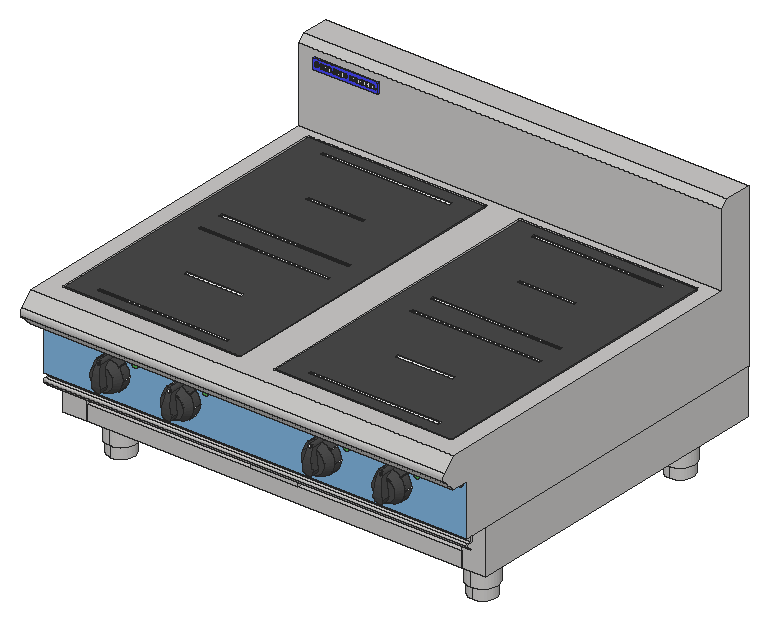
Revit family "QF_Moffat_IN514R3-B_Induction_Cooktop_cat", category Specialty Equipment, Revit 2019
Family settings
  Round Connector Dimension = Use Diameter
  Part Type = Normal
  Work Plane-Based = No
  Always vertical = Yes
  Cut with Voids When Loaded = No
  Shared = No
  Room Calculation Point = No
Parameters (values of type "IN514R3-B")
  Weight in Kilograms = 105
  Watts = 8000 W
  Volts = 400 V
  URL Cutsheet = ""
  Specification by User = ""
  Specification by Manufacturer = ""
  Show Logo [instance] = yes
  Serial Number = ""
  Seismic Rating = ""
  SMACNA No = ""
  Revision Code = ""
  Phase = 3
  Number of Poles = 1
  NAFEM Spec ID Number = ""
  Model = "IN514R3-B"
  Min Ckt Ampacity = 0 A
  Max Overcurrent Protection = 0 A
  Masterspec = ""
  Manufacturer = "Moffat"
  Length = 900 mm
  Item Number = ""
  Installed By = ""
  Identify Quantity as Lot = yes
  Height = 525 mm
  HP = ""
  Furnished By = ""
  Foodservice Equipment Identifier = yes
  FL Amps = 20 A
  Electrical Remarks = ""
  Electric Connection Type = ""
  Elec Conn RI Height = 0 mm
  Elec Conn Connection Height = 0 mm
  Description = "Induction Cooktop"
  Depth = 812.2 mm
  Cycle = 50 Hz
  Conn Plug = ""
  Conn Conduit = yes
  CSI MasterFormat = ""
  Apparent Power = if(Phase = 3, Volts * FL Amps * 1.73, Volts * FL Amps)  # 13840 VA
Reference planes
  plane 1 "BACK": y = 0
  plane 2: z = 0
  plane 3 "LEFT": x = 0
  plane 4 "RIGHT": x = 900
  plane 5 "FRONT": y = -812.2
  plane 6 "TOP": z = 525
  plane 7 "Center Y": x = 450
  plane 8 "Center X": y = -406.1
  plane 9: x = 65.5
  plane 10: x = 834.5
  plane 11: y = -30
  plane 12: x = 770
  plane 13: z = 180
  plane 14: y = -100
  plane 15: y = -625
  plane 16: z = 85
Forms (mm)
  Extrusion 1, solid, material "QF_Metal_Stainless_Polished"
    sketch origin (0, 0, 0) x (0, 1, 0) y (0, 0, 1)
      loop
        line (0, 180) -> (0, 525) -> (-57, 525) -> (-70, 512) -> (-70, 354.5) -> (-784.171, 354.5) -> (-808.685, 329.985)
        arc (-808.685, 329.985) -> (-812.2, 321.5) -> (-808.685, 313.015) r 12
        line (-808.685, 313.015) -> (-785.171, 289.5) -> (-749, 289.5) -> (-749, 180) -> (0, 180)
    from 0 to 900
  Extrusion 2, void
    sketch origin (0, -784.171, 354.5) x (0, 1, 0) y (-1, 0, 0)
      loop
        arc (44.671, -33.5) -> (40.428, -35.257) -> (38.671, -39.5) r 6
        line (38.671, -39.5) -> (38.671, -410.5)
        arc (38.671, -410.5) -> (40.428, -414.743) -> (44.671, -416.5) r 6
        line (44.671, -416.5) -> (690.671, -416.5)
        arc (690.671, -416.5) -> (694.913, -414.743) -> (696.671, -410.5) r 6
        line (696.671, -410.5) -> (696.671, -39.5)
        arc (696.671, -39.5) -> (694.913, -35.257) -> (690.671, -33.5) r 6
        line (690.671, -33.5) -> (44.671, -33.5)
      loop
        arc (44.671, -483.5) -> (40.428, -485.257) -> (38.671, -489.5) r 6
        line (38.671, -489.5) -> (38.671, -860.5)
        arc (38.671, -860.5) -> (40.428, -864.743) -> (44.671, -866.5) r 6
        line (44.671, -866.5) -> (690.671, -866.5)
        arc (690.671, -866.5) -> (694.913, -864.743) -> (696.671, -860.5) r 6
        line (696.671, -860.5) -> (696.671, -489.5)
        arc (696.671, -489.5) -> (694.913, -485.257) -> (690.671, -483.5) r 6
        line (690.671, -483.5) -> (44.671, -483.5)
    from 0 to -9.5
  Extrusion 3, solid, material "QF_Plastic_White_Smooth"
    sketch origin (0, -784.171, 345) x (0, 1, 0) y (-1, 0, 0)
      loop
        line (660.921, -362.5) -> (666.921, -362.5) -> (666.921, -87.5) -> (660.921, -87.5) -> (660.921, -362.5)
      loop
        line (526.421, -285) -> (532.421, -285) -> (532.421, -165) -> (526.421, -165) -> (526.421, -285)
      loop
        line (391.921, -362.5) -> (397.921, -362.5) -> (397.921, -87.5) -> (391.921, -87.5) -> (391.921, -362.5)
      loop
        line (343.421, -87.5) -> (337.421, -87.5) -> (337.421, -362.5) -> (343.421, -362.5) -> (343.421, -87.5)
      loop
        line (208.921, -165) -> (202.921, -165) -> (202.921, -285) -> (208.921, -285) -> (208.921, -165)
      loop
        line (68.421, -362.5) -> (74.421, -362.5) -> (74.421, -87.5) -> (68.421, -87.5) -> (68.421, -362.5)
      loop
        line (660.921, -537.5) -> (660.921, -812.5) -> (666.921, -812.5) -> (666.921, -537.5) -> (660.921, -537.5)
      loop
        line (526.421, -615) -> (526.421, -735) -> (532.421, -735) -> (532.421, -615) -> (526.421, -615)
      loop
        line (391.921, -537.5) -> (391.921, -812.5) -> (397.921, -812.5) -> (397.921, -537.5) -> (391.921, -537.5)
      loop
        line (343.421, -812.5) -> (343.421, -537.5) -> (337.421, -537.5) -> (337.421, -812.5) -> (343.421, -812.5)
      loop
        line (208.921, -735) -> (208.921, -615) -> (202.921, -615) -> (202.921, -735) -> (208.921, -735)
      loop
        line (68.421, -537.5) -> (68.421, -812.5) -> (74.421, -812.5) -> (74.421, -537.5) -> (68.421, -537.5)
    from 0 to 9.5
  Extrusion 4, solid, material "QF_Plastic_Black_Smooth"
    sketch origin (0, -784.171, 354.5) x (0, 1, 0) y (-1, 0, 0)
      loop
        line (690.671, -37.5) -> (44.671, -37.5)
        arc (44.671, -37.5) -> (43.256, -38.086) -> (42.671, -39.5) r 2
        line (42.671, -39.5) -> (42.671, -410.5)
        arc (42.671, -410.5) -> (43.256, -411.914) -> (44.671, -412.5) r 2
        line (44.671, -412.5) -> (690.671, -412.5)
        arc (690.671, -412.5) -> (692.085, -411.914) -> (692.671, -410.5) r 2
        line (692.671, -410.5) -> (692.671, -39.5)
        arc (692.671, -39.5) -> (692.085, -38.086) -> (690.671, -37.5) r 2
      loop
        line (690.671, -487.5) -> (44.671, -487.5)
        arc (44.671, -487.5) -> (43.256, -488.086) -> (42.671, -489.5) r 2
        line (42.671, -489.5) -> (42.671, -860.5)
        arc (42.671, -860.5) -> (43.256, -861.914) -> (44.671, -862.5) r 2
        line (44.671, -862.5) -> (690.671, -862.5)
        arc (690.671, -862.5) -> (692.085, -861.914) -> (692.671, -860.5) r 2
        line (692.671, -860.5) -> (692.671, -489.5)
        arc (692.671, -489.5) -> (692.085, -488.086) -> (690.671, -487.5) r 2
      loop
        line (666.921, -812.5) -> (666.921, -537.5) -> (660.921, -537.5) -> (660.921, -812.5) -> (666.921, -812.5)
      loop
        line (532.421, -735) -> (532.421, -615) -> (526.421, -615) -> (526.421, -735) -> (532.421, -735)
      loop
        line (397.921, -812.5) -> (397.921, -537.5) -> (391.921, -537.5) -> (391.921, -812.5) -> (397.921, -812.5)
      loop
        line (337.421, -812.5) -> (343.421, -812.5) -> (343.421, -537.5) -> (337.421, -537.5) -> (337.421, -812.5)
      loop
        line (208.921, -615) -> (202.921, -615) -> (202.921, -735) -> (208.921, -735) -> (208.921, -615)
      loop
        line (68.421, -812.5) -> (74.421, -812.5) -> (74.421, -537.5) -> (68.421, -537.5) -> (68.421, -812.5)
      loop
        line (68.421, -362.5) -> (74.421, -362.5) -> (74.421, -87.5) -> (68.421, -87.5) -> (68.421, -362.5)
      loop
        line (202.921, -285) -> (208.921, -285) -> (208.921, -165) -> (202.921, -165) -> (202.921, -285)
      loop
        line (337.421, -362.5) -> (343.421, -362.5) -> (343.421, -87.5) -> (337.421, -87.5) -> (337.421, -362.5)
      loop
        line (391.921, -87.5) -> (391.921, -362.5) -> (397.921, -362.5) -> (397.921, -87.5) -> (391.921, -87.5)
      loop
        line (526.421, -165) -> (526.421, -285) -> (532.421, -285) -> (532.421, -165) -> (526.421, -165)
      loop
        line (666.921, -362.5) -> (666.921, -87.5) -> (660.921, -87.5) -> (660.921, -362.5) -> (666.921, -362.5)
    from 0 to -9.5
  Extrusion 5, solid, material "QF_Metal_Stainless_Polished"
    sketch origin (0, 0, 40) x (0, 1, 0) y (0, 0, 1)
      loop
        line (-737.8, 140) -> (-737.8, 130) -> (-747.305, 130)
        arc (-747.305, 130) -> (-750.276, 128.015) -> (-749.579, 124.511) r 3.215
        line (-749.579, 124.511) -> (-739.05, 113.982) -> (-737.919, 115.113) -> (-748.447, 125.642)
        arc (-748.447, 125.642) -> (-748.797, 127.403) -> (-747.305, 128.4) r 1.615
        line (-747.305, 128.4) -> (-736.2, 128.4) -> (-736.2, 140) -> (-737.8, 140)
    from 0 to 900
  Extrusion 6, solid, material "QF_Plastic_Black_Smooth"
    sketch origin (0, -749, 181.875) x (0, 0, 1) y (-1, 0, 0)
      loop
        circle (99.343, -13.157) r 5
      loop
        circle (99.343, -886.843) r 5
      loop
        circle (99.343, -150) r 5
      loop
        circle (99.343, -300) r 5
      loop
        circle (99.343, -600) r 5
      loop
        circle (99.343, -750) r 5
    from 0 to 1.6
  Extrusion 7, solid, material "QF_Metal_Stainless_Polished"
    sketch origin (0, -699, 85) x (0, 1, 0) y (1, 0, 0)
      loop
        circle (669, 770) r 6.35
    from 0 to 1.6
  Extrusion 8, solid, material "QF_Metal_Stainless_Polished"
    sketch origin (0, -699, 85) x (1, 0, 0) y (0, -1, 0)
      loop
        line (0, -699) -> (900, -699) -> (900, 0) -> (849.2, 0) -> (849.2, -25.4) -> (50.8, -25.4) -> (50.8, 0) -> (0, 0) -> (0, -699)
    from 0 to -95
  Revolve 9, solid, material "QF_Metal_Stainless_Polished"
    sketch origin (65.5, -4572, -304.8) x (0, 0, -1) y (0, -1, 0)
      loop
        line (-304.8, -4499.5) -> (-304.8, -4472) -> (-389.8, -4472) -> (-389.8, -4503.75) -> (-329.8, -4503.75) -> (-329.8, -4499.5) -> (-304.8, -4499.5)
      axis (-389.8, -4472) -> (-304.8, -4472)
    angle from 0 to 360
  Revolve 10, solid, material "QF_Metal_Stainless_Polished"
    sketch origin (65.5, -4572, -304.8) x (0, 0, -1) y (0, -1, 0)
      loop
        line (-304.8, -3974.5) -> (-304.8, -3947) -> (-389.8, -3947) -> (-389.8, -3978.75) -> (-329.8, -3978.75) -> (-329.8, -3974.5) -> (-304.8, -3974.5)
      axis (-389.8, -3947) -> (-304.8, -3947)
    angle from 0 to 360
  Revolve 11, solid, material "QF_Metal_Stainless_Polished"
    sketch origin (834.5, -4572, -304.8) x (0, 0, -1) y (0, 1, 0)
      loop
        line (-304.8, 4499.5) -> (-329.8, 4499.5) -> (-329.8, 4503.75) -> (-389.8, 4503.75) -> (-389.8, 4472) -> (-304.8, 4472) -> (-304.8, 4499.5)
      axis (-389.8, 4472) -> (-304.8, 4472)
    angle from 0 to 360
  Revolve 12, solid, material "QF_Metal_Stainless_Polished"
    sketch origin (834.5, -4572, -304.8) x (0, 0, -1) y (0, 1, 0)
      loop
        line (-304.8, 3974.5) -> (-329.8, 3974.5) -> (-329.8, 3978.75) -> (-389.8, 3978.75) -> (-389.8, 3947) -> (-304.8, 3947) -> (-304.8, 3974.5)
      axis (-389.8, 3947) -> (-304.8, 3947)
    angle from 0 to 360
  Extrusion 13, solid, material "QF_Paint_Green"
    sketch origin (-87.5, -749, 181.7) x (0, 0, 1) y (-1, 0, 0)
      loop
        circle (84.8, -282.5) r 7.15
    from 0 to 1.6
  Extrusion 14, solid, material "QF_Paint_Green"
    sketch origin (62.5, -749, 181.7) x (0, 0, 1) y (-1, 0, 0)
      loop
        circle (84.8, -282.5) r 7.15
    from 0 to 1.6
  Extrusion 15, solid, material "QF_Paint_Green"
    sketch origin (362.5, -749, 181.7) x (0, 0, 1) y (-1, 0, 0)
      loop
        circle (84.8, -282.5) r 7.15
    from 0 to 1.6
  Extrusion 16, solid, material "QF_Paint_Green"
    sketch origin (512.5, -749, 181.7) x (0, 0, 1) y (-1, 0, 0)
      loop
        circle (84.8, -282.5) r 7.15
    from 0 to 1.6
  Extrusion 17, solid, material "QF_Metal_Stainless_Polished"
    sketch origin (849.2, -673.6, 85) x (-1, 0, 0) y (0, 0, -1)
      loop
        line (798.4, -32.7) -> (798.4, 0) -> (0, 0) -> (0, -32.7) -> (798.4, -32.7)
      loop
        line (798.4, -42.7) -> (450, -42.7) -> (450, -66.4) -> (798.4, -66.4) -> (798.4, -42.7)
      loop
        line (0, -67.4) -> (0, -95) -> (798.4, -95) -> (798.4, -67.4) -> (0, -67.4)
      loop
        line (348.4, -42.7) -> (0, -42.7) -> (0, -66.4) -> (348.4, -66.4) -> (348.4, -42.7)
    from 0 to 25.4
  Extrusion 18, solid, material "QF_Metal_Stainless_Polished"
    sketch origin (849.2, -673.6, 85) x (1, 0, 0) y (0, 0, -1)
      loop
        line (-450, -67.4) -> (-348.4, -67.4) -> (-348.4, -32.7) -> (-450, -32.7) -> (-450, -67.4)
    from 0 to -25.4
Cuts and joins
  Extrusion 2 cuts Extrusion 1
Lines and regions (mm)
  symbolic lines
    curve 1: line (0, 0, 0) -> (900, 0, 0)
    curve 2: line (0, -812.2, 0) -> (0, 0, 0)
    curve 3: line (900, -812.2, 0) -> (0, -812.2, 0)
    curve 4: line (900, 0, 0) -> (900, -812.2, 0)
    curve 5: line (0, -784.171, 0) -> (900, -784.171, 0)
    curve 6: line (860.5, -745.5, 0) -> (489.5, -745.5, 0)
    curve 7: arc (489.5, -745.5, 0) -> (485.257, -743.743, 0) -> (483.5, -739.5, 0) r 6
    curve 8: line (483.5, -739.5, 0) -> (483.5, -93.5, 0)
    curve 9: arc (483.5, -93.5, 0) -> (485.257, -89.257, 0) -> (489.5, -87.5, 0) r 6
    curve 10: line (489.5, -87.5, 0) -> (860.5, -87.5, 0)
    curve 11: arc (860.5, -87.5, 0) -> (864.743, -89.257, 0) -> (866.5, -93.5, 0) r 6
    curve 12: line (866.5, -93.5, 0) -> (866.5, -739.5, 0)
    curve 13: arc (866.5, -739.5, 0) -> (864.743, -743.743, 0) -> (860.5, -745.5, 0) r 6
    curve 14: line (489.5, -741.5, 0) -> (860.5, -741.5, 0)
    curve 15: arc (860.5, -741.5, 0) -> (861.914, -740.914, 0) -> (862.5, -739.5, 0) r 2
    curve 16: line (862.5, -739.5, 0) -> (862.5, -93.5, 0)
    curve 17: arc (862.5, -93.5, 0) -> (861.914, -92.086, 0) -> (860.5, -91.5, 0) r 2
    curve 18: line (860.5, -91.5, 0) -> (489.5, -91.5, 0)
    curve 19: arc (489.5, -91.5, 0) -> (488.086, -92.086, 0) -> (487.5, -93.5, 0) r 2
    curve 20: line (487.5, -93.5, 0) -> (487.5, -739.5, 0)
    curve 21: arc (487.5, -739.5, 0) -> (488.086, -740.914, 0) -> (489.5, -741.5, 0) r 2
    curve 22: line (812.5, -715.75, 0) -> (537.5, -715.75, 0)
    curve 23: line (537.5, -715.75, 0) -> (537.5, -709.75, 0)
    curve 24: line (537.5, -709.75, 0) -> (812.5, -709.75, 0)
    curve 25: line (812.5, -709.75, 0) -> (812.5, -715.75, 0)
    curve 26: line (410.5, -745.5, 0) -> (39.5, -745.5, 0)
    curve 27: arc (39.5, -745.5, 0) -> (35.257, -743.743, 0) -> (33.5, -739.5, 0) r 6
    curve 28: line (33.5, -739.5, 0) -> (33.5, -93.5, 0)
    curve 29: arc (33.5, -93.5, 0) -> (35.257, -89.257, 0) -> (39.5, -87.5, 0) r 6
    curve 30: line (39.5, -87.5, 0) -> (410.5, -87.5, 0)
    curve 31: arc (410.5, -87.5, 0) -> (414.743, -89.257, 0) -> (416.5, -93.5, 0) r 6
    curve 32: line (416.5, -93.5, 0) -> (416.5, -739.5, 0)
    curve 33: arc (416.5, -739.5, 0) -> (414.743, -743.743, 0) -> (410.5, -745.5, 0) r 6
    curve 34: line (39.5, -741.5, 0) -> (410.5, -741.5, 0)
    curve 35: arc (410.5, -741.5, 0) -> (411.914, -740.914, 0) -> (412.5, -739.5, 0) r 2
    curve 36: line (412.5, -739.5, 0) -> (412.5, -93.5, 0)
    curve 37: arc (412.5, -93.5, 0) -> (411.914, -92.086, 0) -> (410.5, -91.5, 0) r 2
    curve 38: line (410.5, -91.5, 0) -> (39.5, -91.5, 0)
    curve 39: arc (39.5, -91.5, 0) -> (38.086, -92.086, 0) -> (37.5, -93.5, 0) r 2
    curve 40: line (37.5, -93.5, 0) -> (37.5, -739.5, 0)
    curve 41: arc (37.5, -739.5, 0) -> (38.086, -740.914, 0) -> (39.5, -741.5, 0) r 2
    curve 42: line (362.5, -715.75, 0) -> (87.5, -715.75, 0)
    curve 43: line (87.5, -715.75, 0) -> (87.5, -709.75, 0)
    curve 44: line (87.5, -709.75, 0) -> (362.5, -709.75, 0)
    curve 45: line (362.5, -709.75, 0) -> (362.5, -715.75, 0)
    curve 46: line (285, -581.25, 0) -> (165, -581.25, 0)
    curve 47: line (165, -581.25, 0) -> (165, -575.25, 0)
    curve 48: line (165, -575.25, 0) -> (285, -575.25, 0)
    curve 49: line (285, -575.25, 0) -> (285, -581.25, 0)
    curve 50: line (362.5, -446.75, 0) -> (87.5, -446.75, 0)
    curve 51: line (87.5, -446.75, 0) -> (87.5, -440.75, 0)
    curve 52: line (87.5, -440.75, 0) -> (362.5, -440.75, 0)
    curve 53: line (362.5, -440.75, 0) -> (362.5, -446.75, 0)
    curve 54: line (362.5, -392.25, 0) -> (87.5, -392.25, 0)
    curve 55: line (87.5, -392.25, 0) -> (87.5, -386.25, 0)
    curve 56: line (87.5, -386.25, 0) -> (362.5, -386.25, 0)
    curve 57: line (362.5, -386.25, 0) -> (362.5, -392.25, 0)
    curve 58: line (285, -257.75, 0) -> (165, -257.75, 0)
    curve 59: line (165, -257.75, 0) -> (165, -251.75, 0)
    curve 60: line (165, -251.75, 0) -> (285, -251.75, 0)
    curve 61: line (285, -251.75, 0) -> (285, -257.75, 0)
    curve 62: line (362.5, -123.25, 0) -> (87.5, -123.25, 0)
    curve 63: line (87.5, -123.25, 0) -> (87.5, -117.25, 0)
    curve 64: line (87.5, -117.25, 0) -> (362.5, -117.25, 0)
    curve 65: line (362.5, -117.25, 0) -> (362.5, -123.25, 0)
    curve 66: line (812.5, -123.25, 0) -> (537.5, -123.25, 0)
    curve 67: line (537.5, -123.25, 0) -> (537.5, -117.25, 0)
    curve 68: line (537.5, -117.25, 0) -> (812.5, -117.25, 0)
    curve 69: line (812.5, -117.25, 0) -> (812.5, -123.25, 0)
    curve 70: line (735, -257.75, 0) -> (615, -257.75, 0)
    curve 71: line (615, -257.75, 0) -> (615, -251.75, 0)
    curve 72: line (615, -251.75, 0) -> (735, -251.75, 0)
    curve 73: line (735, -251.75, 0) -> (735, -257.75, 0)
    curve 74: line (812.5, -392.25, 0) -> (537.5, -392.25, 0)
    curve 75: line (537.5, -392.25, 0) -> (537.5, -386.25, 0)
    curve 76: line (537.5, -386.25, 0) -> (812.5, -386.25, 0)
    curve 77: line (812.5, -386.25, 0) -> (812.5, -392.25, 0)
    curve 78: line (812.5, -446.75, 0) -> (537.5, -446.75, 0)
    curve 79: line (537.5, -446.75, 0) -> (537.5, -440.75, 0)
    curve 80: line (537.5, -440.75, 0) -> (812.5, -440.75, 0)
    curve 81: line (812.5, -440.75, 0) -> (812.5, -446.75, 0)
    curve 82: line (735, -581.25, 0) -> (615, -581.25, 0)
    curve 83: line (615, -581.25, 0) -> (615, -575.25, 0)
    curve 84: line (615, -575.25, 0) -> (735, -575.25, 0)
    curve 85: line (735, -575.25, 0) -> (735, -581.25, 0)
    curve 86: line (0, -57, 0) -> (900, -57, 0)
    curve 87: line (0, -70, 0) -> (900, -70, 0)
Dimensions and locks
  equal spacing: plane 3 "LEFT", plane 7 "Center Y", plane 4 "RIGHT"
  "Length": plane 3 "LEFT" to plane 4 "RIGHT"
  equal spacing: plane 5 "FRONT", plane 8 "Center X", plane 1 "BACK"
  "Depth": plane 5 "FRONT" to plane 1 "BACK"
  "Height": plane 6 "TOP" to level
  plane 9 to plane 10 = 769 mm
  plane 4 "RIGHT" to plane 3 "LEFT" = 900 mm
  plane 1 "BACK" to cut or joined group of Extrusion 1, Extrusion 2 = 70 mm
  plane 1 "BACK" to plane 5 "FRONT" = 812.2 mm
  plane 6 "TOP" to plane 2 = 525 mm
  cut or joined group of Extrusion 1, Extrusion 2 to plane 2 = 354.5 mm
  locked: plane 12 to plane 4 "RIGHT" at 130
  plane 1 "BACK" to plane 11 = 30 mm
  plane 1 "BACK" to plane 14 to plane 15 = 100 mm, 525 mm
  plane 16 to plane 2 = 85 mm
  aligned and locked: level to plane 2
Automatic sketch dimensions
  Extrusion 1 sketch curve to plane 6 "TOP" = 0 mm
  Extrusion 1 sketch curve to plane 1 "BACK" = 0 mm
  plane 11 to Extrusion 1 sketch curve = 27 mm
  Extrusion 1 sketch curve to plane 6 "TOP" = 13 mm
  Extrusion 1 sketch curve to Extrusion 1 sketch curve = 13 mm
  Extrusion 1 sketch curve to plane 5 "FRONT" = 63.2 mm
  Extrusion 1 sketch curve to plane 5 "FRONT" = 28.029 mm
  Extrusion 1 sketch curve to plane 5 "FRONT" = 27.029 mm
  Extrusion 1 sketch curve to plane 5 "FRONT" = 12 mm
  Extrusion 1 sketch curve to plane 5 "FRONT" = 3.515 mm  (x2)
  Extrusion 1 sketch curve to plane 6 "TOP" = 170.5 mm
  Extrusion 1 sketch curve to Extrusion 1 sketch curve = 24.515 mm
  Extrusion 1 sketch curve to Extrusion 1 sketch curve = 8.485 mm
  Extrusion 1 sketch curve to Extrusion 1 sketch curve = 32 mm
  Extrusion 1 sketch curve to plane 13 = 0 mm
  Extrusion 5 sketch curve to Extrusion 5 sketch curve = 0 mm  (x2)
  plane 13 to Extrusion 5 sketch curve = 15.489 mm
  Extrusion 5 sketch curve to plane 5 "FRONT" = 62.621 mm
  plane 13 to Extrusion 5 sketch curve = 14.358 mm
  Extrusion 5 sketch curve to Extrusion 5 sketch curve = 1.131 mm
  Extrusion 5 sketch curve to Extrusion 5 sketch curve = 1.142 mm  (x2)
  plane 13 to Extrusion 5 sketch curve = 26.018 mm
  Extrusion 5 sketch curve to Extrusion 5 sketch curve = 10.529 mm
  Extrusion 5 sketch curve to Extrusion 5 sketch curve = 9.505 mm
  Extrusion 5 sketch curve to plane 13 = 0 mm
  Extrusion 5 sketch curve to Extrusion 5 sketch curve = 1.6 mm
  Extrusion 8 to Extrusion 7 sketch curve = 30 mm
  Extrusion 7 sketch curve to Extrusion 8 = 79.2 mm
  plane 1 "BACK" to Extrusion 8 sketch curve = 0 mm
  Extrusion 8 sketch curve to plane 3 "LEFT" = 0 mm
  Extrusion 8 sketch curve to plane 4 "RIGHT" = 0 mm
  plane 9 to Extrusion 8 sketch curve = 14.7 mm
  Extrusion 8 sketch curve to plane 10 = 14.7 mm
  plane 15 to Extrusion 8 sketch curve = 48.6 mm
  Extrusion 8 sketch curve to Extrusion 8 sketch curve = 25.4 mm  (x2)
  Revolve 9 sketch curve to plane 14 = 0 mm  (x2)
  Revolve 9 sketch curve to plane 16 = 0 mm
  Revolve 9 sketch curve to level = 0 mm  (x2)
  level to Revolve 9 sketch curve = 25 mm
  Revolve 9 sketch curve to plane 14 = 27.5 mm
  Revolve 9 sketch curve to plane 14 = 31.75 mm
  Revolve 9 sketch curve to Revolve 9 sketch curve = 25 mm
  Revolve 10 sketch curve to plane 15 = 0 mm  (x2)
  Revolve 10 sketch curve to plane 16 = 0 mm
  Revolve 10 sketch curve to level = 0 mm  (x2)
  level to Revolve 10 sketch curve = 25 mm
  Revolve 10 sketch curve to plane 15 = 27.5 mm
  Revolve 10 sketch curve to plane 15 = 31.75 mm
  Revolve 10 sketch curve to Revolve 10 sketch curve = 25 mm
  Revolve 11 sketch curve to plane 14 = 0 mm  (x2)
  Revolve 11 sketch curve to plane 16 = 0 mm
  Revolve 11 sketch curve to level = 0 mm  (x2)
  level to Revolve 11 sketch curve = 25 mm
  Revolve 11 sketch curve to plane 14 = 27.5 mm
  Revolve 11 sketch curve to Revolve 11 sketch curve = 4.25 mm
  Revolve 11 sketch curve to Revolve 11 sketch curve = 25 mm
  Revolve 12 sketch curve to plane 15 = 0 mm  (x2)
  Revolve 12 sketch curve to plane 16 = 0 mm
  Revolve 12 sketch curve to level = 0 mm  (x2)
  level to Revolve 12 sketch curve = 25 mm
  Revolve 12 sketch curve to plane 15 = 27.5 mm
  Revolve 12 sketch curve to Revolve 12 sketch curve = 4.25 mm
  Revolve 12 sketch curve to Revolve 12 sketch curve = 25 mm
  Extrusion 1 to Extrusion 13 sketch curve = 23 mm
  Extrusion 1 to Extrusion 13 sketch curve = 195 mm
  Extrusion 1 to Extrusion 14 sketch curve = 23 mm
  Extrusion 1 to Extrusion 14 sketch curve = 345 mm
  Extrusion 1 to Extrusion 15 sketch curve = 23 mm
  Extrusion 1 to Extrusion 15 sketch curve = 255 mm
  Extrusion 1 to Extrusion 16 sketch curve = 23 mm
  Extrusion 1 to Extrusion 16 sketch curve = 105 mm
  Extrusion 17 sketch curve to Extrusion 8 = 0 mm  (x8)
  Extrusion 8 to Extrusion 17 sketch curve = 42.7 mm
  Extrusion 17 sketch curve to Extrusion 8 = 348.4 mm
  Extrusion 8 to Extrusion 17 sketch curve = 28.6 mm
  Extrusion 17 sketch curve to Extrusion 17 sketch curve = 101.6 mm
  Extrusion 17 sketch curve to Extrusion 17 sketch curve = 24.7 mm
  Extrusion 17 sketch curve to Extrusion 17 sketch curve = 23.7 mm  (x2)
  Extrusion 17 sketch curve to Extrusion 17 sketch curve = 10 mm
  Extrusion 18 sketch curve to Extrusion 17 = 0 mm  (x3)
  Extrusion 17 to Extrusion 18 sketch curve = 0 mm
  Extrusion 2 sketch curve to Extrusion 1 = 38.671 mm  (x2)
  Extrusion 2 sketch curve to Extrusion 2 sketch curve = 6 mm  (x6)
  Extrusion 1 to Extrusion 2 sketch curve = 23.5 mm  (x4)
  Extrusion 1 to Extrusion 2 sketch curve = 416.5 mm
  Extrusion 1 to Extrusion 2 sketch curve = 39.5 mm  (x2)
  Extrusion 2 sketch curve to Extrusion 2 sketch curve = 67 mm
  Extrusion 4 sketch curve to Extrusion 1 = 42.671 mm  (x2)
  Extrusion 4 sketch curve to Extrusion 4 sketch curve = 2 mm  (x6)
  Extrusion 1 to Extrusion 4 sketch curve = 23.5 mm  (x4)
  Extrusion 1 to Extrusion 4 sketch curve = 412.5 mm
  Extrusion 1 to Extrusion 4 sketch curve = 39.5 mm  (x2)
  Extrusion 4 sketch curve to Extrusion 4 sketch curve = 75 mm
  Extrusion 1 to Extrusion 4 sketch curve = 53.25 mm  (x2)
  Extrusion 4 sketch curve to Extrusion 4 sketch curve = 6 mm  (x12)
  Extrusion 4 sketch curve to Extrusion 4 sketch curve = 48 mm  (x8)
  Extrusion 4 sketch curve to Extrusion 4 sketch curve = 134.5 mm  (x3)
  Extrusion 4 sketch curve to Extrusion 4 sketch curve = 77.5 mm  (x6)
  Extrusion 4 sketch curve to Extrusion 4 sketch curve = 120 mm  (x4)
  Extrusion 1 to Extrusion 4 sketch curve = 87.5 mm  (x2)
  Extrusion 4 sketch curve to Extrusion 4 sketch curve = 54.5 mm
  Extrusion 4 sketch curve to Extrusion 4 sketch curve = 0 mm  (x4)
  Extrusion 4 sketch curve to Extrusion 4 sketch curve = 23.75 mm  (x2)
  Extrusion 4 sketch curve to Extrusion 4 sketch curve = 128.5 mm  (x3)
  Extrusion 4 sketch curve to Extrusion 4 sketch curve = 48.5 mm
  Extrusion 3 sketch curve to Extrusion 2 = 29.75 mm  (x2)
  Extrusion 3 sketch curve to Extrusion 3 sketch curve = 6 mm  (x12)
  Extrusion 3 sketch curve to Extrusion 3 sketch curve = 128.5 mm  (x6)
  Extrusion 3 sketch curve to Extrusion 2 = 54 mm  (x13)
  Extrusion 3 sketch curve to Extrusion 3 sketch curve = 48.5 mm  (x2)
  Extrusion 3 sketch curve to Extrusion 2 = 35.75 mm  (x2)
  Extrusion 3 sketch curve to Extrusion 3 sketch curve = 0 mm  (x3)
  Extrusion 3 sketch curve to Extrusion 2 = 131.5 mm  (x4)
  Extrusion 3 sketch curve to Extrusion 3 sketch curve = 120 mm  (x4)
  Extrusion 1 to Extrusion 6 sketch curve = 8.282 mm  (x6)
  Extrusion 1 to Extrusion 6 sketch curve = 13.157 mm  (x2)
  Extrusion 6 sketch curve to Extrusion 6 sketch curve = 136.843 mm
  Extrusion 6 sketch curve to Extrusion 6 sketch curve = 150 mm
  Extrusion 1 to Extrusion 6 sketch curve = 300 mm
  Extrusion 1 to Extrusion 6 sketch curve = 150 mm
  curve 3 to plane 3 "LEFT" = 0 mm
  curve 3 to plane 4 "RIGHT" = 0 mm
  plane 5 "FRONT" to curve 3 = 0 mm
  plane 1 "BACK" to curve 2 = 0 mm
  curve 2 to curve 5 = 28.029 mm
  plane 7 "Center Y" to curve 8 = 33.5 mm
  curve 8 to curve 9 = 6 mm
  curve 7 to curve 6 = 6 mm
  curve 11 to plane 10 = 26 mm
  curve 6 to plane 10 = 26 mm
  curve 13 to curve 12 = 6 mm
  curve 6 to plane 5 "FRONT" = 66.7 mm
  curve 8 to plane 14 = 6.5 mm
  curve 7 to curve 21 = 0 mm  (x2)
  curve 9 to curve 19 = 0 mm  (x2)
  curve 11 to curve 17 = 0 mm  (x2)
  curve 13 to curve 15 = 0 mm
  curve 20 to curve 9 = 2 mm
  curve 21 to curve 23 = 48 mm
  plane 10 to curve 25 = 22 mm
  curve 21 to curve 23 = 23.75 mm
  curve 22 to curve 24 = 6 mm
  plane 9 to curve 28 = 32 mm
  curve 27 to curve 27 = 6 mm
  curve 28 to curve 29 = 6 mm
  curve 33 to plane 7 "Center Y" = 39.5 mm
  curve 31 to plane 14 = 6.5 mm
  curve 31 to plane 7 "Center Y" = 39.5 mm
  curve 31 to curve 32 = 6 mm
  curve 26 to plane 5 "FRONT" = 66.7 mm
  curve 27 to curve 41 = 0 mm  (x2)
  curve 29 to curve 39 = 0 mm  (x2)
  curve 31 to curve 37 = 0 mm  (x2)
  curve 33 to curve 35 = 0 mm
  curve 40 to curve 29 = 2 mm
  curve 44 to plane 9 = 22 mm
  curve 42 to curve 35 = 48 mm
  curve 35 to curve 45 = 23.75 mm
  curve 42 to curve 44 = 6 mm
  curve 47 to plane 15 = 43.75 mm
  curve 47 to plane 9 = 99.5 mm
  curve 49 to plane 15 = 49.75 mm
  curve 47 to curve 49 = 120 mm
  curve 52 to plane 9 = 22 mm
  curve 52 to plane 8 "Center X" = 34.65 mm
  curve 52 to plane 7 "Center Y" = 87.5 mm
  curve 50 to curve 51 = 6 mm
  curve 56 to plane 9 = 22 mm
  plane 8 "Center X" to curve 57 = 13.85 mm
  curve 57 to curve 52 = 0 mm
  curve 54 to curve 57 = 6 mm
  curve 59 to plane 9 = 99.5 mm
  curve 58 to curve 58 = 120 mm
  plane 8 "Center X" to curve 58 = 148.35 mm
  curve 58 to curve 60 = 6 mm
  curve 64 to plane 9 = 22 mm
  plane 14 to curve 62 = 23.25 mm
  curve 62 to curve 37 = 48 mm
  curve 62 to curve 65 = 6 mm
  plane 14 to curve 67 = 17.25 mm
  curve 19 to curve 67 = 48 mm
  plane 10 to curve 69 = 22 mm
  curve 69 to curve 68 = 6 mm
  plane 12 to curve 71 = 155 mm
  plane 12 to curve 72 = 35 mm
  plane 8 "Center X" to curve 73 = 148.35 mm
  curve 70 to curve 71 = 6 mm
  plane 8 "Center X" to curve 75 = 19.85 mm
  plane 7 "Center Y" to curve 75 = 87.5 mm
  plane 10 to curve 77 = 22 mm
  curve 74 to curve 75 = 6 mm
  curve 78 to curve 74 = 0 mm
  plane 10 to curve 78 = 22 mm
  curve 78 to plane 8 "Center X" = 40.65 mm
  curve 78 to curve 79 = 6 mm
  curve 82 to plane 15 = 43.75 mm
  curve 23 to curve 82 = 77.5 mm
  plane 12 to curve 84 = 35 mm
  curve 82 to curve 83 = 6 mm
  plane 11 to curve 86 = 27 mm
  curve 87 to curve 86 = 13 mm
  radius of Extrusion 7 sketch curve = 6.35 mm
  radius of Extrusion 13 sketch curve = 7.15 mm
  radius of Extrusion 14 sketch curve = 7.15 mm
  radius of Extrusion 15 sketch curve = 7.15 mm
  radius of Extrusion 16 sketch curve = 7.15 mm
  radius of Extrusion 6 sketch curve = 5 mm  (x6)
Nested families
  nested 1: "QF_LOGO_BLue Seal" at (32, -70, 474.385), visible <- "Show Logo", type "QF_LOGO_BLue Seal"
  nested 2: "Knob" at (117.5, -739.5, 204.5), type "Knob"
  nested 3: "Knob" at (267.5, -739.5, 204.5), type "Knob"
  nested 4: "Knob" at (567.5, -739.5, 204.5), type "Knob"
  nested 5: "Knob" at (717.5, -739.5, 204.5), type "Knob"
Connectors
  electrical at (770, -30, 83.4), driven by "Volts", driven by "Watts"
    settings: on Extrusion 7, index 1, voltage 400 V, apparent load 8000 VA, apparent load phase1 0 VA, apparent load phase2 0 VA, apparent load phase3 0 VA, power factor 1, load classification "Other", number of poles 1, system type 30, power factor state 1, is connector primary yes, connector utility no, sub classification motor no, connector description "Electrical Connection"
Definition of nested family "QF_LOGO_BLue Seal"
  Parameters (values of type "QF_LOGO_BLue Seal")
    Weight in Pounds = 0
    URL Cutsheet = ""
    Specification by User = ""
    Specification by Manufacturer = ""
    Serial Number = ""
    Seismic Rating = ""
    SMACNA No = ""
    Revision Code = ""
    NAFEM Spec ID Number = ""
    Masterspec = ""
    Length = 138 mm
    Item Number = ""
    Installed By = ""
    Identify Quantity as Lot = yes
    Height = 23 mm
    Furnished By = ""
    Foodservice Equipment Identifier = yes
    Depth = 3.175 mm
    CSI MasterFormat = ""
  Reference planes
    plane 1 "BACK": y = 0
    plane 2: z = 0
    plane 3 "LEFT": x = 0
    plane 4 "RIGHT": x = 138
    plane 5 "FRONT": y = -3.175
    plane 6 "TOP": z = 23
    plane 7 "Center Y": x = 69
    plane 8 "Center X": y = -1.587
  Forms (mm)
    Extrusion 1, solid
      sketch origin (0, 0, 0) x (1, 0, 0) y (0, 0, 1)
        loop
          arc (2, 23) -> (0.586, 22.414) -> (0, 21) r 2
          line (0, 21) -> (0, 2)
          arc (0, 2) -> (0.586, 0.586) -> (2, 0) r 2
          line (2, 0) -> (136, 0)
          arc (136, 0) -> (137.414, 0.586) -> (138, 2) r 2
          line (138, 2) -> (138, 21)
          arc (138, 21) -> (137.414, 22.414) -> (136, 23) r 2
          line (136, 23) -> (2, 23)
        loop
          arc (16.625, 15.317) -> (15.943, 15.034) -> (15.66, 14.352) r 0.965
          line (15.66, 14.352) -> (15.66, 8.169)
          arc (15.66, 8.169) -> (15.953, 7.461) -> (16.66, 7.169) r 1
          line (16.66, 7.169) -> (27.958, 7.169)
          arc (27.958, 7.169) -> (29.995, 9.206) -> (27.958, 11.243) r 2.037
          arc (27.958, 11.243) -> (29.995, 13.28) -> (27.958, 15.317) r 2.037
          line (27.958, 15.317) -> (16.625, 15.317)
        loop
          line (21.163, 13.835) -> (21.163, 12.291) -> (23.596, 12.291)
          arc (23.596, 12.291) -> (24.368, 13.063) -> (23.596, 13.835) r 0.772
          line (23.596, 13.835) -> (21.163, 13.835)
        loop
          line (21.163, 8.544) -> (23.596, 8.544)
          arc (23.596, 8.544) -> (24.368, 9.316) -> (23.596, 10.089) r 0.772
          line (23.596, 10.089) -> (21.163, 10.089) -> (21.163, 8.544)
        loop
          arc (32.475, 15.317) -> (31.768, 15.024) -> (31.475, 14.317) r 1
          line (31.475, 14.317) -> (31.475, 8.169)
          arc (31.475, 8.169) -> (31.768, 7.461) -> (32.475, 7.169) r 1
          line (32.475, 7.169) -> (41.849, 7.169)
          arc (41.849, 7.169) -> (42.859, 8.178) -> (41.849, 9.188) r 1.01
          line (41.849, 9.188) -> (37.262, 9.188) -> (37.262, 14.317)
          arc (37.262, 14.317) -> (36.969, 15.024) -> (36.262, 15.317) r 1
          line (36.262, 15.317) -> (32.475, 15.317)
        loop
          arc (44.648, 15.317) -> (43.941, 15.024) -> (43.648, 14.317) r 1
          line (43.648, 14.317) -> (43.648, 9.124)
          arc (43.648, 9.124) -> (44.221, 7.741) -> (45.604, 7.169) r 1.956
          line (45.604, 7.169) -> (55.306, 7.169)
          arc (55.306, 7.169) -> (56.749, 7.766) -> (57.347, 9.209) r 2.04
          line (57.347, 9.209) -> (57.347, 14.358)
          arc (57.347, 14.358) -> (57.066, 15.036) -> (56.388, 15.317) r 0.959
          line (56.388, 15.317) -> (52.676, 15.317)
          arc (52.676, 15.317) -> (51.968, 15.024) -> (51.676, 14.317) r 1
          line (51.676, 14.317) -> (51.676, 10.17)
          arc (51.676, 10.17) -> (50.529, 9.024) -> (49.383, 10.17) r 1.146
          line (49.383, 10.17) -> (49.383, 14.317)
          arc (49.383, 14.317) -> (49.09, 15.024) -> (48.383, 15.317) r 1
          line (48.383, 15.317) -> (44.648, 15.317)
        loop
          arc (60.035, 15.317) -> (59.328, 15.024) -> (59.035, 14.317) r 1
          line (59.035, 14.317) -> (59.035, 8.169)
          arc (59.035, 8.169) -> (59.328, 7.461) -> (60.035, 7.169) r 1
          line (60.035, 7.169) -> (69.845, 7.169)
          arc (69.845, 7.169) -> (70.828, 8.152) -> (69.845, 9.135) r 0.983
          line (69.845, 9.135) -> (65.06, 9.135) -> (65.06, 10.415) -> (69.988, 10.415)
          arc (69.988, 10.415) -> (70.828, 11.255) -> (69.988, 12.095) r 0.84
          line (69.988, 12.095) -> (65.06, 12.095) -> (65.06, 13.215) -> (69.777, 13.215)
          arc (69.777, 13.215) -> (70.828, 14.266) -> (69.777, 15.317) r 1.051
          line (69.777, 15.317) -> (60.035, 15.317)
        loop
          line (77.315, 14.317) -> (77.315, 11.634)
          arc (77.315, 11.634) -> (77.608, 10.927) -> (78.315, 10.634) r 1
          line (78.315, 10.634) -> (85.957, 10.634) -> (85.957, 8.756) -> (82.871, 8.756) -> (82.871, 9.708) -> (77.315, 9.708) -> (77.315, 8.169)
          arc (77.315, 8.169) -> (77.608, 7.461) -> (78.315, 7.169) r 1
          line (78.315, 7.169) -> (90.614, 7.169)
          arc (90.614, 7.169) -> (91.321, 7.461) -> (91.614, 8.169) r 1
          line (91.614, 8.169) -> (91.614, 11.073)
          arc (91.614, 11.073) -> (91.322, 11.778) -> (90.617, 12.07) r 0.996
          line (90.617, 12.07) -> (82.871, 12.07) -> (82.871, 13.786) -> (85.957, 13.786) -> (85.957, 12.856) -> (91.614, 12.856) -> (91.614, 14.317)
          arc (91.614, 14.317) -> (91.321, 15.024) -> (90.614, 15.317) r 1
          line (90.614, 15.317) -> (78.315, 15.317)
          arc (78.315, 15.317) -> (77.608, 15.024) -> (77.315, 14.317) r 1
        loop
          arc (107.404, 15.317) -> (106.697, 15.024) -> (106.404, 14.317) r 1
          line (106.404, 14.317) -> (106.404, 8.169)
          arc (106.404, 8.169) -> (106.697, 7.461) -> (107.404, 7.169) r 1
          line (107.404, 7.169) -> (111.34, 7.169)
          arc (111.34, 7.169) -> (112.047, 7.461) -> (112.34, 8.169) r 1
          line (112.34, 8.169) -> (112.34, 9.135) -> (115.1, 9.135) -> (115.1, 8.169)
          arc (115.1, 8.169) -> (115.393, 7.461) -> (116.1, 7.169) r 1
          line (116.1, 7.169) -> (119.975, 7.169)
          arc (119.975, 7.169) -> (120.682, 7.461) -> (120.975, 8.169) r 1
          line (120.975, 8.169) -> (120.975, 14.317)
          arc (120.975, 14.317) -> (120.682, 15.024) -> (119.975, 15.317) r 1
          line (119.975, 15.317) -> (107.404, 15.317)
        loop
          arc (94.016, 15.317) -> (93.309, 15.024) -> (93.016, 14.317) r 1
          line (93.016, 14.317) -> (93.016, 8.169)
          arc (93.016, 8.169) -> (93.309, 7.461) -> (94.016, 7.169) r 1
          line (94.016, 7.169) -> (103.826, 7.169)
          arc (103.826, 7.169) -> (104.809, 8.152) -> (103.826, 9.135) r 0.983
          line (103.826, 9.135) -> (99.041, 9.135) -> (99.041, 10.415) -> (103.969, 10.415)
          arc (103.969, 10.415) -> (104.809, 11.255) -> (103.969, 12.095) r 0.84
          line (103.969, 12.095) -> (99.041, 12.095) -> (99.041, 13.215) -> (103.759, 13.215)
          arc (103.759, 13.215) -> (104.809, 14.266) -> (103.759, 15.317) r 1.051
          line (103.759, 15.317) -> (94.016, 15.317)
        loop
          line (112.34, 11.583) -> (115.1, 11.583) -> (115.1, 12.915)
          arc (115.1, 12.915) -> (114.954, 13.268) -> (114.6, 13.415) r 0.5
          line (114.6, 13.415) -> (112.84, 13.415)
          arc (112.84, 13.415) -> (112.487, 13.268) -> (112.34, 12.915) r 0.5
          line (112.34, 12.915) -> (112.34, 11.583)
        loop
          arc (123.692, 15.317) -> (122.985, 15.024) -> (122.692, 14.317) r 1
          line (122.692, 14.317) -> (122.692, 8.169)
          arc (122.692, 8.169) -> (122.985, 7.461) -> (123.692, 7.169) r 1
          line (123.692, 7.169) -> (133.067, 7.169)
          arc (133.067, 7.169) -> (134.076, 8.178) -> (133.067, 9.188) r 1.01
          line (133.067, 9.188) -> (128.479, 9.188) -> (128.479, 14.317)
          arc (128.479, 14.317) -> (128.186, 15.024) -> (127.479, 15.317) r 1
          line (127.479, 15.317) -> (123.692, 15.317)
        loop
          circle (8.135, 11.2) r 4.581
      from 0 to 3.2
    Extrusion 2, solid
      sketch origin (0, 0, 0) x (1, 0, 0) y (0, 0, 1)
        loop
          circle (8.135, 11.2) r 4.581
        loop
          line (8.289, 15.169) -> (8.289, 7.231)
          arc (8.289, 7.231) -> (12.08, 11.2) -> (8.289, 15.169) r 3.973
        loop
          arc (16.625, 15.317) -> (15.943, 15.034) -> (15.66, 14.352) r 0.965
          line (15.66, 14.352) -> (15.66, 8.169)
          arc (15.66, 8.169) -> (15.953, 7.461) -> (16.66, 7.169) r 1
          line (16.66, 7.169) -> (27.958, 7.169)
          arc (27.958, 7.169) -> (29.995, 9.206) -> (27.958, 11.243) r 2.037
          arc (27.958, 11.243) -> (29.995, 13.28) -> (27.958, 15.317) r 2.037
          line (27.958, 15.317) -> (16.625, 15.317)
        loop
          line (21.163, 12.291) -> (23.596, 12.291)
          arc (23.596, 12.291) -> (24.368, 13.063) -> (23.596, 13.835) r 0.772
          line (23.596, 13.835) -> (21.163, 13.835) -> (21.163, 12.291)
        loop
          line (23.596, 10.089) -> (21.163, 10.089) -> (21.163, 8.544) -> (23.596, 8.544)
          arc (23.596, 8.544) -> (24.368, 9.316) -> (23.596, 10.089) r 0.772
        loop
          arc (37.262, 14.317) -> (36.969, 15.024) -> (36.262, 15.317) r 1
          line (36.262, 15.317) -> (32.475, 15.317)
          arc (32.475, 15.317) -> (31.768, 15.024) -> (31.475, 14.317) r 1
          line (31.475, 14.317) -> (31.475, 8.169)
          arc (31.475, 8.169) -> (31.768, 7.461) -> (32.475, 7.169) r 1
          line (32.475, 7.169) -> (41.849, 7.169)
          arc (41.849, 7.169) -> (42.859, 8.178) -> (41.849, 9.188) r 1.01
          line (41.849, 9.188) -> (37.262, 9.188) -> (37.262, 14.317)
        loop
          arc (43.648, 9.124) -> (44.221, 7.741) -> (45.604, 7.169) r 1.956
          line (45.604, 7.169) -> (55.306, 7.169)
          arc (55.306, 7.169) -> (56.749, 7.766) -> (57.347, 9.209) r 2.04
          line (57.347, 9.209) -> (57.347, 14.358)
          arc (57.347, 14.358) -> (57.066, 15.036) -> (56.388, 15.317) r 0.959
          line (56.388, 15.317) -> (52.676, 15.317)
          arc (52.676, 15.317) -> (51.968, 15.024) -> (51.676, 14.317) r 1
          line (51.676, 14.317) -> (51.676, 10.17)
          arc (51.676, 10.17) -> (50.529, 9.024) -> (49.383, 10.17) r 1.146
          line (49.383, 10.17) -> (49.383, 14.317)
          arc (49.383, 14.317) -> (49.09, 15.024) -> (48.383, 15.317) r 1
          line (48.383, 15.317) -> (44.648, 15.317)
          arc (44.648, 15.317) -> (43.941, 15.024) -> (43.648, 14.317) r 1
          line (43.648, 14.317) -> (43.648, 9.124)
        loop
          arc (69.777, 13.215) -> (70.828, 14.266) -> (69.777, 15.317) r 1.051
          line (69.777, 15.317) -> (60.035, 15.317)
          arc (60.035, 15.317) -> (59.328, 15.024) -> (59.035, 14.317) r 1
          line (59.035, 14.317) -> (59.035, 8.169)
          arc (59.035, 8.169) -> (59.328, 7.461) -> (60.035, 7.169) r 1
          line (60.035, 7.169) -> (69.845, 7.169)
          arc (69.845, 7.169) -> (70.828, 8.152) -> (69.845, 9.135) r 0.983
          line (69.845, 9.135) -> (65.06, 9.135) -> (65.06, 10.415) -> (69.988, 10.415)
          arc (69.988, 10.415) -> (70.828, 11.255) -> (69.988, 12.095) r 0.84
          line (69.988, 12.095) -> (65.06, 12.095) -> (65.06, 13.215) -> (69.777, 13.215)
        loop
          line (82.871, 13.786) -> (85.957, 13.786) -> (85.957, 12.856) -> (91.614, 12.856) -> (91.614, 14.317)
          arc (91.614, 14.317) -> (91.321, 15.024) -> (90.614, 15.317) r 1
          line (90.614, 15.317) -> (78.315, 15.317)
          arc (78.315, 15.317) -> (77.608, 15.024) -> (77.315, 14.317) r 1
          line (77.315, 14.317) -> (77.315, 11.634)
          arc (77.315, 11.634) -> (77.608, 10.927) -> (78.315, 10.634) r 1
          line (78.315, 10.634) -> (85.957, 10.634) -> (85.957, 8.756) -> (82.871, 8.756) -> (82.871, 9.708) -> (77.315, 9.708) -> (77.315, 8.169)
          arc (77.315, 8.169) -> (77.608, 7.461) -> (78.315, 7.169) r 1
          line (78.315, 7.169) -> (90.614, 7.169)
          arc (90.614, 7.169) -> (91.321, 7.461) -> (91.614, 8.169) r 1
          line (91.614, 8.169) -> (91.614, 11.073)
          arc (91.614, 11.073) -> (91.322, 11.778) -> (90.617, 12.07) r 0.996
          line (90.617, 12.07) -> (82.871, 12.07) -> (82.871, 13.786)
        loop
          arc (103.759, 13.215) -> (104.809, 14.266) -> (103.759, 15.317) r 1.051
          line (103.759, 15.317) -> (94.016, 15.317)
          arc (94.016, 15.317) -> (93.309, 15.024) -> (93.016, 14.317) r 1
          line (93.016, 14.317) -> (93.016, 8.169)
          arc (93.016, 8.169) -> (93.309, 7.461) -> (94.016, 7.169) r 1
          line (94.016, 7.169) -> (103.826, 7.169)
          arc (103.826, 7.169) -> (104.809, 8.152) -> (103.826, 9.135) r 0.983
          line (103.826, 9.135) -> (99.041, 9.135) -> (99.041, 10.415) -> (103.969, 10.415)
          arc (103.969, 10.415) -> (104.809, 11.255) -> (103.969, 12.095) r 0.84
          line (103.969, 12.095) -> (99.041, 12.095) -> (99.041, 13.215) -> (103.759, 13.215)
        loop
          line (112.34, 12.915) -> (112.34, 11.583) -> (115.1, 11.583) -> (115.1, 12.915)
          arc (115.1, 12.915) -> (114.954, 13.268) -> (114.6, 13.415) r 0.5
          line (114.6, 13.415) -> (112.84, 13.415)
          arc (112.84, 13.415) -> (112.487, 13.268) -> (112.34, 12.915) r 0.5
        loop
          arc (119.975, 7.169) -> (120.682, 7.461) -> (120.975, 8.169) r 1
          line (120.975, 8.169) -> (120.975, 14.317)
          arc (120.975, 14.317) -> (120.682, 15.024) -> (119.975, 15.317) r 1
          line (119.975, 15.317) -> (107.404, 15.317)
          arc (107.404, 15.317) -> (106.697, 15.024) -> (106.404, 14.317) r 1
          line (106.404, 14.317) -> (106.404, 8.169)
          arc (106.404, 8.169) -> (106.697, 7.461) -> (107.404, 7.169) r 1
          line (107.404, 7.169) -> (111.34, 7.169)
          arc (111.34, 7.169) -> (112.047, 7.461) -> (112.34, 8.169) r 1
          line (112.34, 8.169) -> (112.34, 9.135) -> (115.1, 9.135) -> (115.1, 8.169)
          arc (115.1, 8.169) -> (115.393, 7.461) -> (116.1, 7.169) r 1
          line (116.1, 7.169) -> (119.975, 7.169)
        loop
          arc (122.692, 8.169) -> (122.985, 7.461) -> (123.692, 7.169) r 1
          line (123.692, 7.169) -> (133.067, 7.169)
          arc (133.067, 7.169) -> (134.076, 8.178) -> (133.067, 9.188) r 1.01
          line (133.067, 9.188) -> (128.479, 9.188) -> (128.479, 14.317)
          arc (128.479, 14.317) -> (128.186, 15.024) -> (127.479, 15.317) r 1
          line (127.479, 15.317) -> (123.692, 15.317)
          arc (123.692, 15.317) -> (122.985, 15.024) -> (122.692, 14.317) r 1
          line (122.692, 14.317) -> (122.692, 8.169)
        loop
          line (8.019, 7.227) -> (8.019, 15.172)
          arc (8.019, 15.172) -> (4.133, 11.2) -> (8.019, 7.227) r 3.973
      from 0 to 3.2
    Extrusion 3, solid
      sketch origin (0, 0, 0) x (1, 0, 0) y (0, 0, 1)
        loop
          line (8.289, 15.169) -> (8.289, 7.231)
          arc (8.289, 7.231) -> (12.08, 11.2) -> (8.289, 15.169) r 3.973
      from 0 to 3.2
    Extrusion 4, solid
      sketch origin (16.271, 0, 0) x (-1, 0, 0) y (0, 0, -1)
        loop
          arc (8.252, -15.172) -> (12.138, -11.2) -> (8.252, -7.227) r 3.973
          line (8.252, -7.227) -> (8.252, -15.172)
      from 0 to 3.2
  Dimensions and locks
    equal spacing: plane 3 "LEFT", plane 7 "Center Y", plane 4 "RIGHT"
    "Length": plane 3 "LEFT" to plane 4 "RIGHT"
    equal spacing: plane 5 "FRONT", plane 8 "Center X", plane 1 "BACK"
    "Depth": plane 5 "FRONT" to plane 1 "BACK"
    "Height": plane 6 "TOP" to level
    plane 4 "RIGHT" to plane 3 "LEFT" = 138 mm
    aligned and locked: level to plane 2
  Automatic sketch dimensions
    Extrusion 1 sketch curve to Extrusion 1 sketch curve = 0 mm  (x12)
    Extrusion 1 sketch curve to plane 3 "LEFT" = 0 mm
    Extrusion 1 sketch curve to level = 0 mm
    Extrusion 1 sketch curve to plane 6 "TOP" = 0 mm
    plane 4 "RIGHT" to Extrusion 1 sketch curve = 0 mm
    plane 3 "LEFT" to Extrusion 1 sketch curve = 2 mm
    Extrusion 1 sketch curve to Extrusion 1 sketch curve = 2 mm
    plane 3 "LEFT" to Extrusion 1 sketch curve = 8.135 mm
    Extrusion 1 sketch curve to Extrusion 1 sketch curve = 7.524 mm
    Extrusion 1 sketch curve to Extrusion 1 sketch curve = 0.965 mm
    Extrusion 1 sketch curve to Extrusion 1 sketch curve = 1 mm  (x22)
    Extrusion 1 sketch curve to Extrusion 1 sketch curve = 4.503 mm
    Extrusion 1 sketch curve to Extrusion 1 sketch curve = 2.434 mm  (x2)
    Extrusion 1 sketch curve to Extrusion 1 sketch curve = 4.362 mm
    Extrusion 1 sketch curve to Extrusion 1 sketch curve = 3.517 mm
    Extrusion 1 sketch curve to Extrusion 1 sketch curve = 3.787 mm  (x2)
    Extrusion 1 sketch curve to Extrusion 1 sketch curve = 4.787 mm
    Extrusion 1 sketch curve to Extrusion 1 sketch curve = 4.588 mm
    Extrusion 1 sketch curve to Extrusion 1 sketch curve = 1.798 mm
    Extrusion 1 sketch curve to Extrusion 1 sketch curve = 1.956 mm  (x2)
    Extrusion 1 sketch curve to Extrusion 1 sketch curve = 3.735 mm
    Extrusion 1 sketch curve to Extrusion 1 sketch curve = 3.779 mm
    Extrusion 1 sketch curve to Extrusion 1 sketch curve = 1.146 mm
    Extrusion 1 sketch curve to Extrusion 1 sketch curve = 3.631 mm
    Extrusion 1 sketch curve to Extrusion 1 sketch curve = 3.713 mm
    Extrusion 1 sketch curve to Extrusion 1 sketch curve = 0.959 mm
    Extrusion 1 sketch curve to Extrusion 1 sketch curve = 1.688 mm
    Extrusion 1 sketch curve to plane 7 "Center Y" = 3.94 mm
    plane 7 "Center Y" to Extrusion 1 sketch curve = 0.777 mm
    plane 7 "Center Y" to Extrusion 1 sketch curve = 0.845 mm
    plane 7 "Center Y" to Extrusion 1 sketch curve = 0.988 mm
    Extrusion 1 sketch curve to Extrusion 1 sketch curve = 7.327 mm
    Extrusion 1 sketch curve to Extrusion 1 sketch curve = 4.556 mm
    Extrusion 1 sketch curve to Extrusion 1 sketch curve = 3.087 mm
    Extrusion 1 sketch curve to Extrusion 1 sketch curve = 4.657 mm  (x2)
    Extrusion 1 sketch curve to Extrusion 1 sketch curve = 0.004 mm
    Extrusion 1 sketch curve to Extrusion 1 sketch curve = 0.996 mm  (x2)
    Extrusion 1 sketch curve to Extrusion 1 sketch curve = 1.402 mm
    Extrusion 1 sketch curve to Extrusion 1 sketch curve = 5.025 mm
    Extrusion 1 sketch curve to Extrusion 1 sketch curve = 4.717 mm
    Extrusion 1 sketch curve to Extrusion 1 sketch curve = 4.785 mm
    Extrusion 1 sketch curve to Extrusion 1 sketch curve = 0.211 mm
    Extrusion 1 sketch curve to Extrusion 1 sketch curve = 2.645 mm
    Extrusion 1 sketch curve to Extrusion 1 sketch curve = 3.936 mm
    Extrusion 1 sketch curve to Extrusion 1 sketch curve = 0.5 mm  (x2)
    Extrusion 1 sketch curve to Extrusion 1 sketch curve = 1.76 mm
    Extrusion 1 sketch curve to Extrusion 1 sketch curve = 2.76 mm
    Extrusion 1 sketch curve to Extrusion 1 sketch curve = 4.875 mm
    Extrusion 1 sketch curve to Extrusion 1 sketch curve = 3.875 mm
    Extrusion 1 sketch curve to Extrusion 1 sketch curve = 1.717 mm
    plane 4 "RIGHT" to Extrusion 1 sketch curve = 4.933 mm
    plane 4 "RIGHT" to Extrusion 1 sketch curve = 2 mm  (x2)
    level to Extrusion 1 sketch curve = 7.169 mm  (x5)
    Extrusion 1 sketch curve to Extrusion 1 sketch curve = 5.169 mm
    Extrusion 1 sketch curve to Extrusion 1 sketch curve = 0.983 mm  (x2)
    Extrusion 1 sketch curve to Extrusion 1 sketch curve = 1.01 mm  (x2)
    Extrusion 1 sketch curve to Extrusion 1 sketch curve = 0.376 mm
    Extrusion 1 sketch curve to Extrusion 1 sketch curve = 0.588 mm
    Extrusion 1 sketch curve to Extrusion 1 sketch curve = 0.966 mm
    Extrusion 1 sketch curve to Extrusion 1 sketch curve = 2.037 mm  (x2)
    Extrusion 1 sketch curve to Extrusion 1 sketch curve = 0.772 mm  (x2)
    Extrusion 1 sketch curve to Extrusion 1 sketch curve = 0.952 mm
    Extrusion 1 sketch curve to Extrusion 1 sketch curve = 1.046 mm
    Extrusion 1 sketch curve to Extrusion 1 sketch curve = 1.28 mm  (x2)
    Extrusion 1 sketch curve to Extrusion 1 sketch curve = 1.878 mm
    Extrusion 1 sketch curve to Extrusion 1 sketch curve = 2.905 mm
    Extrusion 1 sketch curve to Extrusion 1 sketch curve = 3.031 mm
    Extrusion 1 sketch curve to Extrusion 1 sketch curve = 0.84 mm  (x2)
    Extrusion 1 sketch curve to Extrusion 1 sketch curve = 2.448 mm
    Extrusion 1 sketch curve to Extrusion 1 sketch curve = 2.202 mm
    Extrusion 1 sketch curve to Extrusion 1 sketch curve = 0.786 mm
    Extrusion 1 sketch curve to Extrusion 1 sketch curve = 1.332 mm
    Extrusion 1 sketch curve to Extrusion 1 sketch curve = 1.12 mm  (x2)
    Extrusion 1 sketch curve to Extrusion 1 sketch curve = 1.716 mm
    Extrusion 1 sketch curve to Extrusion 1 sketch curve = 1.051 mm  (x2)
    Extrusion 1 sketch curve to Extrusion 1 sketch curve = 4.147 mm
    Extrusion 1 sketch curve to Extrusion 1 sketch curve = 5.129 mm
    Extrusion 1 sketch curve to Extrusion 1 sketch curve = 0.051 mm
    Extrusion 1 sketch curve to Extrusion 1 sketch curve = 1.037 mm
    Extrusion 1 sketch curve to Extrusion 1 sketch curve = 0.516 mm
    plane 3 "LEFT" to Extrusion 1 sketch curve = 3.555 mm
    Extrusion 2 sketch curve to Extrusion 2 sketch curve = 0 mm  (x16)
    plane 3 "LEFT" to Extrusion 2 sketch curve = 8.019 mm
    Extrusion 2 sketch curve to Extrusion 2 sketch curve = 0.088 mm
    Extrusion 2 sketch curve to Extrusion 2 sketch curve = 0.029 mm
    Extrusion 2 sketch curve to Extrusion 2 sketch curve = 0.27 mm
    Extrusion 2 sketch curve to Extrusion 2 sketch curve = 7.371 mm
    Extrusion 2 sketch curve to Extrusion 2 sketch curve = 0.965 mm
    Extrusion 2 sketch curve to Extrusion 2 sketch curve = 1 mm  (x24)
    Extrusion 2 sketch curve to Extrusion 2 sketch curve = 4.503 mm
    Extrusion 2 sketch curve to Extrusion 2 sketch curve = 2.434 mm
    Extrusion 2 sketch curve to Extrusion 2 sketch curve = 4.362 mm
    Extrusion 2 sketch curve to Extrusion 2 sketch curve = 3.517 mm
    Extrusion 2 sketch curve to Extrusion 2 sketch curve = 3.787 mm  (x2)
    Extrusion 2 sketch curve to Extrusion 2 sketch curve = 4.787 mm  (x2)
    Extrusion 2 sketch curve to Extrusion 2 sketch curve = 4.588 mm  (x2)
    Extrusion 2 sketch curve to Extrusion 2 sketch curve = 1.798 mm
    Extrusion 2 sketch curve to Extrusion 2 sketch curve = 1.956 mm
    Extrusion 2 sketch curve to Extrusion 2 sketch curve = 3.735 mm
    Extrusion 2 sketch curve to Extrusion 2 sketch curve = 1.146 mm
    Extrusion 2 sketch curve to Extrusion 2 sketch curve = 3.631 mm
    Extrusion 2 sketch curve to Extrusion 2 sketch curve = 3.713 mm
    Extrusion 2 sketch curve to Extrusion 2 sketch curve = 0.959 mm
    Extrusion 2 sketch curve to Extrusion 2 sketch curve = 1.688 mm
    Extrusion 2 sketch curve to plane 7 "Center Y" = 3.94 mm
    plane 7 "Center Y" to Extrusion 2 sketch curve = 0.777 mm
    plane 7 "Center Y" to Extrusion 2 sketch curve = 0.845 mm
    plane 7 "Center Y" to Extrusion 2 sketch curve = 0.988 mm
    Extrusion 2 sketch curve to Extrusion 2 sketch curve = 7.327 mm
    Extrusion 2 sketch curve to Extrusion 2 sketch curve = 4.556 mm
    Extrusion 2 sketch curve to Extrusion 2 sketch curve = 3.087 mm
    Extrusion 2 sketch curve to Extrusion 2 sketch curve = 4.657 mm  (x2)
    Extrusion 2 sketch curve to Extrusion 2 sketch curve = 0.004 mm
    Extrusion 2 sketch curve to Extrusion 2 sketch curve = 0.996 mm
    Extrusion 2 sketch curve to Extrusion 2 sketch curve = 1.402 mm
    Extrusion 2 sketch curve to Extrusion 2 sketch curve = 5.025 mm
    Extrusion 2 sketch curve to Extrusion 2 sketch curve = 4.717 mm
    Extrusion 2 sketch curve to Extrusion 2 sketch curve = 4.785 mm
    Extrusion 2 sketch curve to Extrusion 2 sketch curve = 0.211 mm
    Extrusion 2 sketch curve to Extrusion 2 sketch curve = 2.578 mm
    Extrusion 2 sketch curve to Extrusion 2 sketch curve = 3.936 mm
    Extrusion 2 sketch curve to Extrusion 2 sketch curve = 0.5 mm  (x2)
    Extrusion 2 sketch curve to Extrusion 2 sketch curve = 1.76 mm
    Extrusion 2 sketch curve to Extrusion 2 sketch curve = 2.76 mm
    Extrusion 2 sketch curve to Extrusion 2 sketch curve = 3.875 mm
    Extrusion 2 sketch curve to Extrusion 2 sketch curve = 4.875 mm
    Extrusion 2 sketch curve to Extrusion 2 sketch curve = 1.717 mm
    level to Extrusion 2 sketch curve = 7.169 mm  (x6)
    level to Extrusion 2 sketch curve = 7.227 mm
    Extrusion 2 sketch curve to Extrusion 2 sketch curve = 0.003 mm
    Extrusion 2 sketch curve to Extrusion 2 sketch curve = 0.983 mm  (x2)
    Extrusion 2 sketch curve to Extrusion 2 sketch curve = 1.01 mm  (x2)
    Extrusion 2 sketch curve to Extrusion 2 sketch curve = 1.376 mm
    Extrusion 2 sketch curve to Extrusion 2 sketch curve = 0.588 mm
    Extrusion 2 sketch curve to Extrusion 2 sketch curve = 0.966 mm
    Extrusion 2 sketch curve to Extrusion 2 sketch curve = 2.037 mm  (x2)
    Extrusion 2 sketch curve to Extrusion 2 sketch curve = 0.772 mm  (x2)
    Extrusion 2 sketch curve to Extrusion 2 sketch curve = 1.539 mm
    Extrusion 2 sketch curve to Extrusion 2 sketch curve = 0.961 mm
    Extrusion 2 sketch curve to Extrusion 2 sketch curve = 1.28 mm  (x2)
    Extrusion 2 sketch curve to Extrusion 2 sketch curve = 1.878 mm
    Extrusion 2 sketch curve to Extrusion 2 sketch curve = 2.905 mm
    Extrusion 2 sketch curve to Extrusion 2 sketch curve = 3.969 mm
    Extrusion 2 sketch curve to Extrusion 2 sketch curve = 0.84 mm  (x2)
    Extrusion 2 sketch curve to Extrusion 2 sketch curve = 2.448 mm
    Extrusion 2 sketch curve to Extrusion 2 sketch curve = 2.202 mm
    Extrusion 2 sketch curve to Extrusion 2 sketch curve = 2.222 mm
